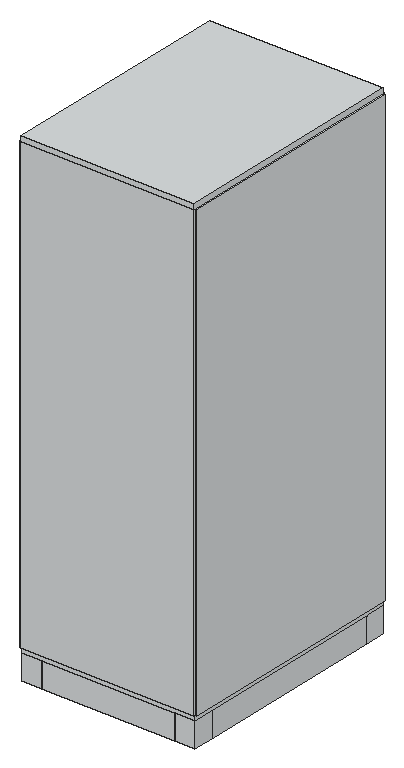
Revit family "Legrand Armoire XL³ 6300-4000", category Equipement électrique, Revit 2020
Family settings
  Configuration du panneau = Deux colonnes, circuits au sein
  Cote de connecteur circulaire = Utiliser le diamètre
  Type d'élément = Tableau de raccordement
  Numéro OmniClass = 23.80.30.11.17
  Titre OmniClass = Distribution Boards and Control Panels
  Basée sur le plan de construction = Non
  Toujours verticalement = Oui
  Couper avec des vides une fois chargée = Non
  Partagée = Non
  Point de calcul de pièce = Non
Parameters (values of type "020506-020500-020516-020554")
  URL = "https://www.legrand.fr/"
  built-in parameter 1140140 [instance] = 1 (stored number, unit not read)
  Matière = "Acier"  # constant formula
  Finition = "revétu de poudre"
  RAL = "7035"
  porte = yes
  Largeur (mm) = 725 mm
  Modèle = "XL³ 4000"
  IN max (A) = "4000"
  ICW (jusqu'à) = "110"
  IP sans porte = "30"
  IP avec porte = "55"
  IK sans porte = "07"
  IK avec porte = "08"
  Hauteur (mm) = 2000 mm
  Forme de séparation jusqu'à (jusqu'à) = "4b"
  Conditions Générale d'Utilisation = "https://export.legrand.com/CGU-objets-BIM"
  Fabricant = "Legrand"  # constant formula
  profondeur (mm) = 975 mm
  Elévation par défaut = 0 mm
  built-in parameter 1140142 [instance] = -1
  built-in parameter 1155100 [instance] = -1
Types (16, lengths in mm): name | URL | porte | Largeur (mm) | IN max (A) | IP avec porte | IK avec porte | Hauteur (mm) | profondeur (mm)
  (no name) | "https://www.legrand.fr/" | no | 1425 | "6300" | "NA" | "NA" | 2200 | 975
  020504-020500-020514-020554 | "https://www.legrand.fr/" | yes | 725 | "4000" | "55" | "08" | 2000 | 475
  020504-020850-020514-020861 | "https://www.legrand.fr/" | yes | 725 | "4000" | "55" | "08" | 2200 | 475
  020505-020500-020515-020554 | "https://www.legrand.fr/" | yes | 725 | "4000" | "55" | "08" | 2000 | 725
  020505-020850-020515-020861 | "https://www.legrand.fr/" | yes | 725 | "4000" | "55" | "08" | 2200 | 725
  020506-020500-020516-020554 | "https://www.legrand.fr/" | yes | 725 | "4000" | "55" | "08" | 2000 | 975
  020506-020850-020516-020861 | "https://www.legrand.fr/" | yes | 725 | "4000" | "55" | "08" | 2200 | 975
  020507-020500-020517-020554 | "https://www.legrand.fr/" | yes | 975 | "4000" | "55" | "08" | 2000 | 475
  020507-020850-020517-020861 | "https://www.legrand.fr/\r\nhttps://www.legrand.fr/" | yes | 975 | "4000" | "55" | "08" | 2200 | 475
  020508-020500-020518-020554 | "https://www.legrand.fr/" | yes | 975 | "4000" | "55" | "08" | 2000 | 725
  020508-020850-020518-020861 | "https://www.legrand.fr/" | yes | 975 | "4000" | "55" | "08" | 2200 | 725
  020509-020500-020519-020554 | "https://www.legrand.fr/" | yes | 975 | "4000" | "55" | "08" | 2000 | 975
  020509-020850-020519-020861 | "https://www.legrand.fr/" | yes | 975 | "4000" | "55" | "08" | 2200 | 975
  021133-021136-021130 | "https://www.legrand.fr/" | no | 1425 | "6300" | "NA" | "NA" | 2200 | 475
  021134-021136-021131 | "https://www.legrand.fr/" | no | 1425 | "6300" | "NA" | "NA" | 2200 | 725
  021135-021136-021132 | "https://www.legrand.fr/" | no | 1425 | "6300" | "NA" | "NA" | 2200 | 975
Reference planes
  plane 1 "Centre (avant/arrière)": y = 0
  plane 2: z = 0
  plane 3 "Centre (gauche/droite)": x = 0
  plane 4: x = -362.5
  plane 5: x = 362.5
  plane 6: y = 487.5
  plane 7: y = -487.5
  plane 8: x = -354.5
  plane 9: y = 479.5
  plane 10: x = 354.5
  plane 11: z = 2000
  plane 12: z = 1978
  plane 13: y = -479.5
  plane 14: x = -271.5
  plane 15: y = 396.5
  plane 16: x = 271.5
  plane 17: y = -396.5
  plane 18: z = 100
  plane 19: z = 122
  plane 20: y = 457.5
  plane 21: x = -332.5
  plane 22: y = -457.5
  plane 23: x = 332.5
  plane 24: y = -505.5
  plane 25: z = 1050
  plane 26: x = 342.5
  plane 27: z = 1050
  plane 28: z = 1050
Forms (mm)
  Extrusion 1, solid, material "IDS_ACIER"
    sketch origin (0, 0, 0) x (1, 0, 0) y (0, 1, 0)
      loop
        line (-354.5, 479.5) -> (-354.5, -487.5) -> (354.5, -487.5) -> (354.5, 479.5) -> (-354.5, 479.5)
    from 1978 to 2000
  Extrusion 2, solid, material "IDS_ACIER"
    sketch origin (0, 0, 0) x (1, 0, 0) y (0, 1, 0)
      loop
        line (-354.5, 479.5) -> (-354.5, 396.5) -> (-271.5, 396.5) -> (-271.5, 479.5) -> (-354.5, 479.5)
      loop
        line (354.5, 479.5) -> (271.5, 479.5) -> (271.5, 396.5) -> (354.5, 396.5) -> (354.5, 479.5)
      loop
        line (-354.5, -396.5) -> (-354.5, -479.5) -> (-271.5, -479.5) -> (-271.5, -396.5) -> (-354.5, -396.5)
      loop
        line (271.5, -396.5) -> (271.5, -479.5) -> (354.5, -479.5) -> (354.5, -396.5) -> (271.5, -396.5)
    from 0 to 100
  Extrusion 3, solid, material "IDS_ACIER"
    sketch origin (0, 0, 0) x (1, 0, 0) y (0, 1, 0)
      loop
        line (-354.5, 479.5) -> (-354.5, -479.5) -> (354.5, -479.5) -> (354.5, 479.5) -> (-354.5, 479.5)
    from 100 to 122
  Extrusion 4, solid, material "IDS_ACIER"
    sketch origin (0, 0, 0) x (1, 0, 0) y (0, 1, 0)
      loop
        line (-271.5, 479.5) -> (-271.5, 457.5) -> (271.5, 457.5) -> (271.5, 479.5) -> (-271.5, 479.5)
      loop
        line (354.5, 396.5) -> (332.5, 396.5) -> (332.5, -396.5) -> (354.5, -396.5) -> (354.5, 396.5)
      loop
        line (-354.5, 396.5) -> (-354.5, -396.5) -> (-332.5, -396.5) -> (-332.5, 396.5) -> (-354.5, 396.5)
      loop
        line (271.5, -479.5) -> (271.5, -457.5) -> (-271.5, -457.5) -> (-271.5, -479.5) -> (271.5, -479.5)
    from 0 to 100
  Extrusion 5, solid, material "IDS_ACIER"
    sketch origin (0, 0, 0) x (1, 0, 0) y (0, 1, 0)
      loop
        line (-354.5, 487.5) -> (-354.5, 479.5) -> (354.5, 479.5) -> (354.5, 487.5) -> (-354.5, 487.5)
    from 122 to 1978
  Extrusion 6, solid, material "IDS_ACIER"
    sketch origin (0, 0, 0) x (1, 0, 0) y (0, 1, 0)
      loop
        line (362.5, 479.5) -> (354.5, 479.5) -> (354.5, -479.5) -> (362.5, -479.5) -> (362.5, 479.5)
      loop
        line (-362.5, 479.5) -> (-362.5, -479.5) -> (-354.5, -479.5) -> (-354.5, 479.5) -> (-362.5, 479.5)
    from 122 to 1978
  Extrusion 7, solid, material "IDS_ACIER", visible <- "porte"
    sketch origin (0, 0, 0) x (1, 0, 0) y (0, 1, 0)
      loop
        line (-354.5, -479.5) -> (-354.5, -487.5) -> (354.5, -487.5) -> (354.5, -479.5) -> (-354.5, -479.5)
    from 122 to 1978
Dimensions and locks
  equal spacing: plane 6, plane 1 "Centre (avant/arrière)", plane 7
  "profondeur (mm)": plane 6 to plane 7
  equal spacing: plane 4, plane 3 "Centre (gauche/droite)", plane 5
  "Largeur (mm)": plane 4 to plane 5
  locked: plane 4 to plane 8 at 8
  locked: plane 6 to plane 9 at 8
  equal spacing: plane 8, plane 3 "Centre (gauche/droite)", plane 10
  "Hauteur (mm)": level to plane 11
  locked: plane 12 to plane 11 at 22
  equal spacing: plane 9, plane 1 "Centre (avant/arrière)", plane 13
  locked: plane 9 to plane 15 at 83
  locked: plane 8 to plane 14 at 83
  equal spacing: plane 14, plane 3 "Centre (gauche/droite)", plane 16
  equal spacing: plane 15, plane 1 "Centre (avant/arrière)", plane 17
  locked: plane 2 to plane 18 at 100
  locked: plane 18 to plane 19 at 22
  locked: plane 8 to plane 21 at 22
  locked: plane 22 to plane 13 at 22
  equal spacing: plane 21, plane 3 "Centre (gauche/droite)", plane 23
  equal spacing: plane 20, plane 1 "Centre (avant/arrière)", plane 22
  locked: plane 24 to plane 7 at 18
  equal spacing: plane 12, plane 25, plane 19
  plane 5 to plane 26 = 20 mm
  aligned and locked: level to plane 2
  aligned and locked: Extrusion 1 sketch curve to plane 9
  aligned and locked: Extrusion 1 sketch curve to plane 8
  aligned and locked: plane 7 to Extrusion 1 sketch curve
  aligned and locked: Extrusion 1 sketch curve to plane 10
  aligned and locked: plane 11 to Extrusion 1
  aligned and locked: Extrusion 1 to plane 12
  aligned and locked: Extrusion 2 sketch curve to plane 9
  aligned and locked: Extrusion 2 sketch curve to plane 8  (x2)
  aligned and locked: plane 15 to Extrusion 2 sketch curve
  aligned and locked: Extrusion 2 sketch curve to plane 14  (x2)
  aligned and locked: plane 10 to Extrusion 2 sketch curve
  aligned and locked: plane 9 to Extrusion 2 sketch curve
  aligned and locked: Extrusion 2 sketch curve to plane 16  (x2)
  aligned and locked: Extrusion 2 sketch curve to plane 15
  aligned and locked: plane 13 to Extrusion 2 sketch curve  (x2)
  aligned and locked: Extrusion 2 sketch curve to plane 17  (x2)
  aligned and locked: Extrusion 2 sketch curve to plane 10
  aligned and locked: plane 18 to Extrusion 2
  aligned and locked: Extrusion 2 to plane 2
  aligned and locked: Extrusion 3 sketch curve to plane 9
  aligned and locked: Extrusion 3 sketch curve to plane 8
  aligned and locked: plane 13 to Extrusion 3 sketch curve
  aligned and locked: Extrusion 3 sketch curve to plane 10
  aligned and locked: Extrusion 3 to plane 18
  aligned and locked: plane 19 to Extrusion 3
  aligned and locked: Extrusion 4 sketch curve to plane 9
  aligned and locked: plane 20 to Extrusion 4 sketch curve
  aligned and locked: plane 14 to Extrusion 4 sketch curve
  aligned and locked: Extrusion 4 sketch curve to plane 16
  aligned and locked: plane 10 to Extrusion 4 sketch curve
  aligned and locked: Extrusion 4 sketch curve to plane 23
  aligned and locked: plane 15 to Extrusion 4 sketch curve
  aligned and locked: Extrusion 4 sketch curve to plane 17
  aligned and locked: plane 13 to Extrusion 4 sketch curve
  aligned and locked: Extrusion 4 sketch curve to plane 22
  aligned and locked: Extrusion 4 sketch curve to plane 14
  aligned and locked: plane 16 to Extrusion 4 sketch curve
  aligned and locked: Extrusion 4 sketch curve to plane 8
  aligned and locked: Extrusion 4 sketch curve to plane 21
  aligned and locked: Extrusion 4 sketch curve to plane 15
  aligned and locked: plane 17 to Extrusion 4 sketch curve
  aligned and locked: Extrusion 4 to plane 2
  aligned and locked: plane 18 to Extrusion 4
  aligned and locked: plane 9 to Extrusion 5 sketch curve
  aligned and locked: Extrusion 5 sketch curve to plane 6
  aligned and locked: Extrusion 5 sketch curve to plane 10
  aligned and locked: Extrusion 5 sketch curve to plane 8
  aligned and locked: Extrusion 5 to plane 19
  aligned and locked: plane 12 to Extrusion 5
  aligned and locked: plane 8 to Extrusion 6 sketch curve
  aligned and locked: plane 4 to Extrusion 6 sketch curve
  aligned and locked: Extrusion 6 sketch curve to plane 9
  aligned and locked: plane 13 to Extrusion 6 sketch curve
  aligned and locked: Extrusion 6 sketch curve to plane 10
  aligned and locked: plane 5 to Extrusion 6 sketch curve
  aligned and locked: Extrusion 6 sketch curve to plane 13
  aligned and locked: plane 9 to Extrusion 6 sketch curve
  aligned and locked: Extrusion 6 to plane 19
  aligned and locked: plane 12 to Extrusion 6
  aligned and locked: plane 25 to plane 27
  aligned and locked: plane 25 to plane 28
  aligned and locked: Extrusion 7 sketch curve to plane 13
  aligned and locked: plane 7 to Extrusion 7 sketch curve
  aligned and locked: Extrusion 7 sketch curve to plane 8
  aligned and locked: Extrusion 7 sketch curve to plane 10
  aligned and locked: Extrusion 7 to plane 19
  aligned and locked: plane 12 to Extrusion 7
Connectors
  electrical at (0, 479.5, 1050)
    settings: on Extrusion 5, index 1, voltage 0 V, apparent load 0 VA, apparent load phase1 0 VA, apparent load phase2 0 VA, apparent load phase3 0 VA, power factor 1, load classification "Autre", number of poles 1, system type 31, power factor state 1, is connector primary yes, connector utility no, sub classification motor no, connector description ""
